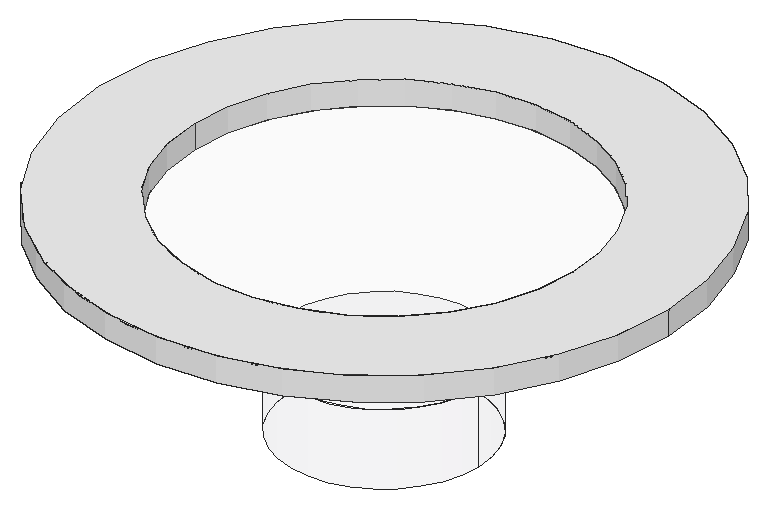
Revit family
Parameters
  Lumens = 1800 lm
Reference planes (in)
  plane 1 "Light Source Axis (F/B)": y = 0
  plane 2: z = 0
  plane 3 "Light Source Axis (L/R)": x = 0
  plane 4 "Light Source Elevation": z = 0
Forms (in)
  Extrusion 1, solid, material "Poche 2"
    sketch origin (0, 0, 0) x (1, 0, 0) y (0, 1, 0)
      loop
        circle (0, 0) r 6
    from 0 to 0.5
  Extrusion 2, void
    sketch origin (0, 0, 0) x (1, 0, 0) y (0, 1, 0)
      loop
        circle (0, 0) r 4
    from -5.18617 to 1.20143
  Extrusion 3, solid, material "Light"
    sketch origin (0, 0, 0) x (1, 0, 0) y (0, 1, 0)
      loop
        circle (0, 0) r 2
    from -2.3857 to -3.89607
  Extrusion 4, solid, material "Glass"
    sketch origin (0, 0, 0) x (1, 0, 0) y (0, 1, 0)
      loop
        circle (0, 0) r 4
    from 0 to 0.5
Cuts and joins
  Extrusion 2 cuts Extrusion 1
